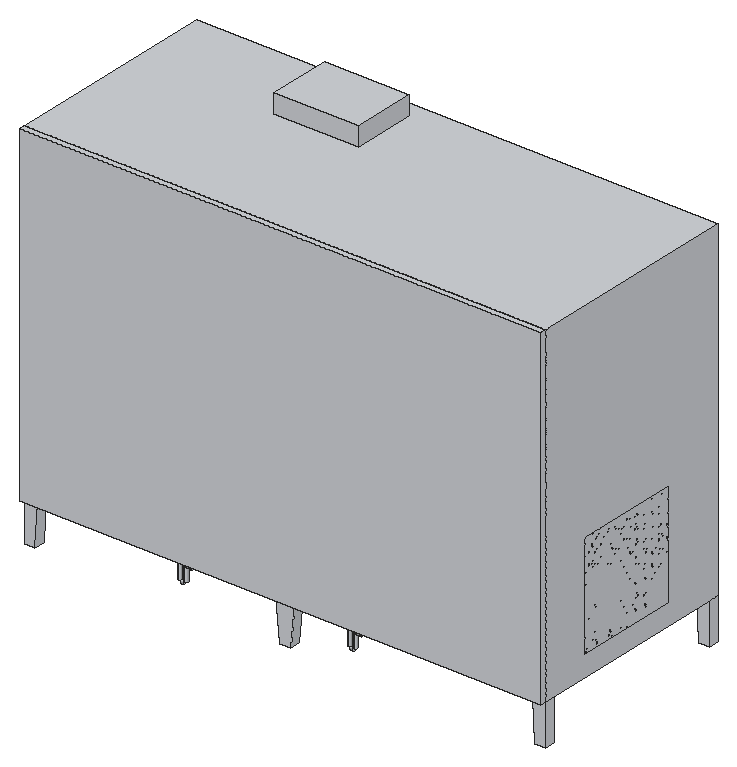
Revit family "AHU 8 _8", category Mechanické zařízení, Revit 2018
Family settings
  Kóta kulaté spojky = Použít průměr
  Typ dílu = Normální
  Číslo OmniClass = 23.75.00.00
  Nadpis OmniClass = Climate Control (HVAC)
  Založené na pracovní rovině = Ne
  Vždy vertikální = Ano
  Ořezat dutým tvarem při načtení = Ne
  Sdílené = Ne
  Bod výpočtu místnosti = Ne
Parameters (values of type "DUPLEXVENT 5500 Multi Eco")
  Width [instance] = 1.065 mm
  Weight [instance] = 493.00 kg
  URL = ""
  Type [instance] = "DUPLEXVENT 5500 Multi Eco"
  Total_SFP [instance] = 0
  Supply_outlet_hum [instance] = 90
  Supply_inlet_hum [instance] = 90
  Supply_ext_pressure [instance] = 0.0 Pa
  Supply_SFP [instance] = 0
  Source_adu_file [instance] = ""
  Recuperation_type [instance] = "Plate heat recovery exchanger"
  Recuperation_efficiency_EN308 [instance] = 0
  Project_name [instance] = ""
  Project_date [instance] = "10.8.2023"
  Power_supply_fusing [instance] = "0"
  Power_supply_cable [instance] = "0"
  Position [instance] = "AHU 8 "
  Phases_count [instance] = 3
  Panel_thickness [instance] = 0.06 mm
  Outer_surface [instance] = "RAL 9002"
  Length [instance] = 2.5 mm
  Insulation_type [instance] = "PUR"
  Insulation_thickness [instance] = 0.05 mm
  Installation_environment [instance] = ""
  Input_power_max [instance] = 6600 W
  Inner_surface [instance] = "Pozink"
  I2 [instance] = I1  # 0.0 L/s
  Height [instance] = 1.6 mm
  Exhaust_outlet_hum [instance] = 40
  Exhaust_inlet_hum [instance] = 40
  Exhaust_ext_pressure [instance] = 0.0 Pa
  Exhaust_SFP [instance] = 0
  E1 [instance] = E2 - M1  # 0.0 L/s
  E2 [instance] = 0.0 L/s
  I1 [instance] = 0.0 L/s
  Description = ""
  M1 [instance] = 0.0 L/s
  Device_dutypoint_version [instance] = "0"
  Device_design_version [instance] = "9"
  Device_adu_id [instance] = "8"
  Current_max [instance] = 10.8 A
  Casing_mat [instance] = "painted zinc layer"
  Cable type [instance] = "CYKY 5Jx2,5"
Reference planes
  plane 1 "Střed (vpředu/vzadu)": y = 0
  plane 2 "ref": z = 0
  plane 3 "Střed (vlevo/vpravo)": x = 0
Forms (mm)
  Sweep 1, solid
    path origin (0, 0, 0) x (0, 0, 1) y (1, 0, 0)
      loop
        line (0, 0) -> (1600, 0)
    profile origin (0, 0, 0) x (1, 0, 0) y (0, 1, 0)
      loop
        line (0, 0) -> (2500, 0) -> (2500, 1035) -> (0, 1035) -> (0, 0)
  Sweep 2, solid
    path origin (0, 0, 0) x (0, 0, 1) y (1, 0, 0)
      loop
        line (0, 0) -> (1600, 0)
    profile origin (0, 0, 0) x (1, 0, 0) y (0, 1, 0)
      loop
        line (0, 0) -> (0, -30) -> (2500, -30) -> (2500, 0) -> (0, 0)
  Sweep 3, solid
    path origin (1, 485, 350) x (0, 1, 0) y (-1, 0, 0)
      loop
        line (0, 0) -> (0, 1)
    profile origin (1, 485, 350) x (0, -1, 0) y (0, 0, 1)
      loop
        line (-250, -250) -> (250, -250) -> (250, 250) -> (-250, 250) -> (-250, -250)
  Sweep 4, solid
    path origin (2499, 530, 1190) x (1, 0, 0) y (0, 1, 0)
      loop
        line (0, 0) -> (1, 0)
    profile origin (2499, 530, 1190) x (0, 1, 0) y (0, 0, 1)
      loop
        line (-450, 355) -> (-450, -355) -> (450, -355) -> (450, 355) -> (-450, 355)
  Sweep 5, solid
    path origin (2499, 485, 350) x (1, 0, 0) y (0, 1, 0)
      loop
        line (0, 0) -> (1, 0)
    profile origin (2499, 485, 350) x (0, 1, 0) y (0, 0, 1)
      loop
        line (-250, 250) -> (-250, -250) -> (250, -250) -> (250, 250) -> (-250, 250)
  Sweep 6, solid
    path origin (1, 530, 1190) x (0, 1, 0) y (-1, 0, 0)
      loop
        line (0, 0) -> (0, 1)
    profile origin (1, 530, 1190) x (0, -1, 0) y (0, 0, 1)
      loop
        line (-450, -355) -> (450, -355) -> (450, 355) -> (-450, 355) -> (-450, -355)
  Sweep 7, solid
    path origin (1500, 75, 0) x (0, -1, 0) y (0, 0, 1)
      loop
        line (0, 0) -> (0, -142)
    profile origin (1500, 75, 0) x (-1, 0, 0) y (0, -1, 0)
      loop
        circle (0, 0) r 8
  Sweep 8, solid
    path origin (1508, 75, -150) x (0, 0, -1) y (1, 0, 0)
      loop
        line (0, 0) -> (0, 14)
    profile origin (1508, 75, -150) x (0, 0, 1) y (0, -1, 0)
      loop
        circle (0, 0) r 8
  Sweep 9, solid
    path origin (1530, 75, -142) x (0, -1, 0) y (0, 0, 1)
      loop
        line (0, 0) -> (0, 59)
    profile origin (1530, 75, -142) x (0, 1, 0) y (-1, 0, 0)
      loop
        circle (0, 0) r 8
  Sweep 10, solid
    path origin (1538, 75, -75) x (0, 0, -1) y (1, 0, 0)
      loop
        line (0, 0) -> (0, 22)
    profile origin (1538, 75, -75) x (0, 0, 1) y (0, -1, 0)
      loop
        circle (0, 0) r 8
  Sweep 11, solid
    path origin (685, 75, 0) x (0, -1, 0) y (0, 0, 1)
      loop
        line (0, 0) -> (0, -142)
    profile origin (685, 75, 0) x (-1, 0, 0) y (0, -1, 0)
      loop
        circle (0, 0) r 8
  Sweep 12, solid
    path origin (694, 75, -150) x (0, 0, -1) y (1, 0, 0)
      loop
        line (0, 0) -> (0, 14)
    profile origin (694, 75, -150) x (0, 0, 1) y (0, -1, 0)
      loop
        circle (0, 0) r 8
  Sweep 13, solid
    path origin (716, 75, -142) x (0, -1, 0) y (0, 0, 1)
      loop
        line (0, 0) -> (0, 59)
    profile origin (716, 75, -142) x (0, 1, 0) y (-1, 0, 0)
      loop
        circle (0, 0) r 8
  Sweep 14, solid
    path origin (724, 75, -75) x (0, 0, -1) y (1, 0, 0)
      loop
        line (0, 0) -> (0, 22)
    profile origin (724, 75, -75) x (0, 0, 1) y (0, -1, 0)
      loop
        circle (0, 0) r 8
  Sweep 15, solid
    path origin (0, 0, 0) x (0, 0, 1) y (1, 0, 0)
      loop
        line (0, 0) -> (1600, 0)
    profile origin (0, 0, 0) x (1, 0, 0) y (0, 1, 0)
      loop
        line (0, -30) -> (2500, -30) -> (2500, -5) -> (0, -5) -> (0, -30)
  Sweep 16, solid
    path origin (25, 50, 0) x (1, 0, 0) y (0, 1, 0)
      loop
        line (0, 0) -> (0, -50)
    profile origin (25, 50, 0) x (1, 0, 0) y (0, 0, 1)
      loop
        line (-25, 0) -> (-25, -200) -> (25, -200) -> (35, 0) -> (-25, 0)
  Sweep 17, solid
    path origin (2475, 50, 0) x (1, 0, 0) y (0, 1, 0)
      loop
        line (0, 0) -> (0, -50)
    profile origin (2475, 50, 0) x (1, 0, 0) y (0, 0, 1)
      loop
        line (-35, 0) -> (-25, -200) -> (25, -200) -> (25, 0) -> (-35, 0)
  Sweep 18, solid
    path origin (25, 1035, 0) x (1, 0, 0) y (0, 1, 0)
      loop
        line (0, 0) -> (0, -50)
    profile origin (25, 1035, 0) x (1, 0, 0) y (0, 0, 1)
      loop
        line (-25, 0) -> (-25, -200) -> (25, -200) -> (35, 0) -> (-25, 0)
  Sweep 19, solid
    path origin (2475, 1035, 0) x (1, 0, 0) y (0, 1, 0)
      loop
        line (0, 0) -> (0, -50)
    profile origin (2475, 1035, 0) x (1, 0, 0) y (0, 0, 1)
      loop
        line (-35, 0) -> (-25, -200) -> (25, -200) -> (25, 0) -> (-35, 0)
  Sweep 20, solid
    path origin (1250, 50, 0) x (1, 0, 0) y (0, 1, 0)
      loop
        line (0, 0) -> (0, -50)
    profile origin (1250, 50, 0) x (1, 0, 0) y (0, 0, 1)
      loop
        line (-45, 0) -> (-25, -200) -> (25, -200) -> (45, 0) -> (-45, 0)
  Sweep 21, solid
    path origin (1250, 1035, 0) x (1, 0, 0) y (0, 1, 0)
      loop
        line (0, 0) -> (0, -50)
    profile origin (1250, 1035, 0) x (1, 0, 0) y (0, 0, 1)
      loop
        line (-45, 0) -> (-25, -200) -> (25, -200) -> (45, 0) -> (-45, 0)
  Sweep 22, solid
    path origin (0, 0, 1600) x (0, 0, 1) y (1, 0, 0)
      loop
        line (0, 0) -> (90, 0)
    profile origin (0, 0, 1600) x (1, 0, 0) y (0, 1, 0)
      loop
        line (675, 653) -> (1080, 653) -> (1080, 958) -> (675, 958) -> (675, 653)
  Sweep 23, solid
    path origin (675, 805, 1645) x (0, 0, -1) y (1, 0, 0)
      loop
        line (0, 0) -> (0, -1)
    profile origin (675, 805, 1645) x (0, 0, -1) y (0, -1, 0)
      loop
        circle (0, 0) r 10
Lines and regions (mm)
  model lines, style "Symbol"
    curve 1: line (1025, -30, 0) -> (1025, -30, 320)
    curve 2: line (1025, -30, 1600) -> (1025, -30, 1280)
    curve 3: line (0, -30, 800) -> (545, -30, 800)
    curve 4: line (2500, -30, 800) -> (1505, -30, 800)
    curve 5: line (545, -30, 800) -> (785, -30, 1280)
    curve 6: line (785, -30, 1280) -> (1265, -30, 1280)
    curve 7: line (1265, -30, 1280) -> (1505, -30, 800)
    curve 8: line (1505, -30, 800) -> (1265, -30, 320)
    curve 9: line (1265, -30, 320) -> (1025, -30, 320)
    curve 10: line (1025, -30, 320) -> (785, -30, 320)
    curve 11: line (785, -30, 320) -> (545, -30, 800)
    curve 12: line (2148, -30, 1314) -> (2404, -30, 1270)
    curve 13: line (2148, -30, 1086) -> (2404, -30, 1130)
    curve 14: line (352, -30, 1086) -> (96, -30, 1130)
    curve 15: line (352, -30, 1314) -> (96, -30, 1270)
    curve 16: line (50, -30, 160) -> (50, -30, 640)
    curve 17: line (50, -30, 640) -> (200, -30, 640)
    curve 18: line (200, -30, 640) -> (200, -30, 160)
    curve 19: line (200, -30, 160) -> (50, -30, 160)
    curve 20: line (125, -30, 160) -> (200, -30, 400)
    curve 21: line (125, -30, 640) -> (200, -30, 400)
    curve 22: line (2450, -30, 640) -> (2450, -30, 160)
    curve 23: line (2450, -30, 160) -> (2300, -30, 160)
    curve 24: line (2300, -30, 160) -> (2300, -30, 640)
    curve 25: line (2300, -30, 640) -> (2450, -30, 640)
    curve 26: line (2375, -30, 640) -> (2300, -30, 400)
    curve 27: line (2375, -30, 160) -> (2300, -30, 400)
    curve 28: line (698, -30, 280) -> (480, -30, 708)
    curve 29: line (480, -30, 708) -> (552, -30, 744)
    curve 30: line (552, -30, 744) -> (770, -30, 316)
    curve 31: line (770, -30, 316) -> (698, -30, 280)
    curve 32: line (567, -30, 554) -> (595, -30, 641)
    curve 33: line (655, -30, 383) -> (683, -30, 470)
    curve 34: line (0, -1180, 0) -> (0, -30, 0)
    curve 35: line (2500, -1180, 0) -> (2500, -30, 0)
    curve 36: line (0, -1180, 0) -> (2500, -1180, 0)
    curve 37: line (0, -1180, 1600) -> (0, -30, 1600)
    curve 38: line (2500, -1180, 1600) -> (2500, -30, 1600)
    curve 39: line (0, -1180, 1600) -> (2500, -1180, 1600)
    curve 40: line (0, -1180, 0) -> (0, -1180, 1600)
    curve 41: line (2500, -1180, 0) -> (2500, -1180, 1600)
    curve 42: line (0, -1180, 1400) -> (200, -1180, 1600)
    curve 43: line (0, -1180, 1200) -> (400, -1180, 1600)
    curve 44: line (0, -1180, 1000) -> (600, -1180, 1600)
    curve 45: line (0, -1180, 800) -> (800, -1180, 1600)
    curve 46: line (0, -1180, 600) -> (1000, -1180, 1600)
    curve 47: line (0, -1180, 400) -> (1200, -1180, 1600)
    curve 48: line (0, -1180, 200) -> (1400, -1180, 1600)
    curve 49: line (0, -1180, 0) -> (1600, -1180, 1600)
    curve 50: line (200, -1180, 0) -> (1800, -1180, 1600)
    curve 51: line (400, -1180, 0) -> (2000, -1180, 1600)
    curve 52: line (600, -1180, 0) -> (2200, -1180, 1600)
    curve 53: line (800, -1180, 0) -> (2400, -1180, 1600)
    curve 54: line (1000, -1180, 0) -> (2500, -1180, 1500)
    curve 55: line (1200, -1180, 0) -> (2500, -1180, 1300)
    curve 56: line (1400, -1180, 0) -> (2500, -1180, 1100)
    curve 57: line (1600, -1180, 0) -> (2500, -1180, 900)
    curve 58: line (1800, -1180, 0) -> (2500, -1180, 700)
    curve 59: line (2000, -1180, 0) -> (2500, -1180, 500)
    curve 60: line (2200, -1180, 0) -> (2500, -1180, 300)
    curve 61: line (2400, -1180, 0) -> (2500, -1180, 100)
    curve 62: line (2500, -1180, 1400) -> (2500, -980, 1600)
    curve 63: line (2500, -1180, 1200) -> (2500, -780, 1600)
    curve 64: line (2500, -1180, 1000) -> (2500, -580, 1600)
    curve 65: line (2500, -1180, 800) -> (2500, -380, 1600)
    curve 66: line (2500, -1180, 600) -> (2500, -180, 1600)
    curve 67: line (2500, -1180, 400) -> (2500, -30, 1550)
    curve 68: line (2500, -1180, 200) -> (2500, -30, 1350)
    curve 69: line (2500, -1180, 0) -> (2500, -30, 1150)
    curve 70: line (2500, -980, 0) -> (2500, -30, 950)
    curve 71: line (2500, -780, 0) -> (2500, -30, 750)
    curve 72: line (2500, -580, 0) -> (2500, -30, 550)
    curve 73: line (2500, -380, 0) -> (2500, -30, 350)
    curve 74: line (2500, -180, 0) -> (2500, -30, 150)
    curve 75: line (0, -980, 1600) -> (200, -1180, 1600)
    curve 76: line (0, -780, 1600) -> (400, -1180, 1600)
    curve 77: line (0, -580, 1600) -> (600, -1180, 1600)
    curve 78: line (0, -380, 1600) -> (800, -1180, 1600)
    curve 79: line (0, -180, 1600) -> (1000, -1180, 1600)
    curve 80: line (50, -30, 1600) -> (1200, -1180, 1600)
    curve 81: line (250, -30, 1600) -> (1400, -1180, 1600)
    curve 82: line (450, -30, 1600) -> (1600, -1180, 1600)
    curve 83: line (650, -30, 1600) -> (1800, -1180, 1600)
    curve 84: line (850, -30, 1600) -> (2000, -1180, 1600)
    curve 85: line (1050, -30, 1600) -> (2200, -1180, 1600)
    curve 86: line (1250, -30, 1600) -> (2400, -1180, 1600)
    curve 87: line (1450, -30, 1600) -> (2500, -1080, 1600)
    curve 88: line (1650, -30, 1600) -> (2500, -880, 1600)
    curve 89: line (1850, -30, 1600) -> (2500, -680, 1600)
    curve 90: line (2050, -30, 1600) -> (2500, -480, 1600)
    curve 91: line (2250, -30, 1600) -> (2500, -280, 1600)
    curve 92: line (2450, -30, 1600) -> (2500, -80, 1600)
    curve 93: line (0, 0, 2320) -> (0, 0, 1600)
    curve 94: line (2500, 0, 2320) -> (2500, 0, 1600)
    curve 95: line (0, 0, 2320) -> (2500, 0, 2320)
    curve 96: line (0, 1035, 2320) -> (0, 1035, 1600)
    curve 97: line (2500, 1035, 2320) -> (2500, 1035, 1600)
    curve 98: line (0, 1035, 2320) -> (2500, 1035, 2320)
    curve 99: line (0, 0, 2320) -> (0, 1035, 2320)
    curve 100: line (2500, 0, 2320) -> (2500, 1035, 2320)
    curve 101: line (0, 835, 2320) -> (200, 1035, 2320)
    curve 102: line (0, 635, 2320) -> (400, 1035, 2320)
    curve 103: line (0, 435, 2320) -> (600, 1035, 2320)
    curve 104: line (0, 235, 2320) -> (800, 1035, 2320)
    curve 105: line (0, 35, 2320) -> (1000, 1035, 2320)
    curve 106: line (165, 0, 2320) -> (1200, 1035, 2320)
    curve 107: line (365, 0, 2320) -> (1400, 1035, 2320)
    curve 108: line (565, 0, 2320) -> (1600, 1035, 2320)
    curve 109: line (765, 0, 2320) -> (1800, 1035, 2320)
    curve 110: line (965, 0, 2320) -> (2000, 1035, 2320)
    curve 111: line (1165, 0, 2320) -> (2200, 1035, 2320)
    curve 112: line (1365, 0, 2320) -> (2400, 1035, 2320)
    curve 113: line (1565, 0, 2320) -> (2500, 935, 2320)
    curve 114: line (1765, 0, 2320) -> (2500, 735, 2320)
    curve 115: line (1965, 0, 2320) -> (2500, 535, 2320)
    curve 116: line (2165, 0, 2320) -> (2500, 335, 2320)
    curve 117: line (2365, 0, 2320) -> (2500, 135, 2320)
    curve 118: line (2500, 835, 2320) -> (2500, 1035, 2120)
    curve 119: line (2500, 635, 2320) -> (2500, 1035, 1920)
    curve 120: line (2500, 435, 2320) -> (2500, 1035, 1720)
    curve 121: line (2500, 235, 2320) -> (2500, 955, 1600)
    curve 122: line (2500, 35, 2320) -> (2500, 755, 1600)
    curve 123: line (2500, 0, 2155) -> (2500, 555, 1600)
    curve 124: line (2500, 0, 1955) -> (2500, 355, 1600)
    curve 125: line (2500, 0, 1755) -> (2500, 155, 1600)
    curve 126: line (0, 1035, 2120) -> (200, 1035, 2320)
    curve 127: line (0, 1035, 1920) -> (400, 1035, 2320)
    curve 128: line (0, 1035, 1720) -> (600, 1035, 2320)
    curve 129: line (80, 1035, 1600) -> (800, 1035, 2320)
    curve 130: line (280, 1035, 1600) -> (1000, 1035, 2320)
    curve 131: line (480, 1035, 1600) -> (1200, 1035, 2320)
    curve 132: line (680, 1035, 1600) -> (1400, 1035, 2320)
    curve 133: line (880, 1035, 1600) -> (1600, 1035, 2320)
    curve 134: line (1080, 1035, 1600) -> (1800, 1035, 2320)
    curve 135: line (1280, 1035, 1600) -> (2000, 1035, 2320)
    curve 136: line (1480, 1035, 1600) -> (2200, 1035, 2320)
    curve 137: line (1680, 1035, 1600) -> (2400, 1035, 2320)
    curve 138: line (1880, 1035, 1600) -> (2500, 1035, 2220)
    curve 139: line (2080, 1035, 1600) -> (2500, 1035, 2020)
    curve 140: line (2280, 1035, 1600) -> (2500, 1035, 1820)
    curve 141: line (2480, 1035, 1600) -> (2500, 1035, 1620)
    curve 142: line (0, 1035, -200) -> (0, 1035, 0)
    curve 143: line (2500, 1035, -200) -> (2500, 1035, 0)
    curve 144: line (0, 1035, -200) -> (2500, 1035, -200)
    curve 145: line (0, 0, -200) -> (0, 0, 0)
    curve 146: line (2500, 0, -200) -> (2500, 0, 0)
    curve 147: line (0, 0, -200) -> (2500, 0, -200)
    curve 148: line (0, 1035, -200) -> (0, 0, -200)
    curve 149: line (2500, 1035, -200) -> (2500, 0, -200)
    curve 150: line (0, 200, -200) -> (200, 0, -200)
    curve 151: line (0, 400, -200) -> (400, 0, -200)
    curve 152: line (0, 600, -200) -> (600, 0, -200)
    curve 153: line (0, 800, -200) -> (800, 0, -200)
    curve 154: line (0, 1000, -200) -> (1000, 0, -200)
    curve 155: line (165, 1035, -200) -> (1200, 0, -200)
    curve 156: line (365, 1035, -200) -> (1400, 0, -200)
    curve 157: line (565, 1035, -200) -> (1600, 0, -200)
    curve 158: line (765, 1035, -200) -> (1800, 0, -200)
    curve 159: line (965, 1035, -200) -> (2000, 0, -200)
    curve 160: line (1165, 1035, -200) -> (2200, 0, -200)
    curve 161: line (1365, 1035, -200) -> (2400, 0, -200)
    curve 162: line (1565, 1035, -200) -> (2500, 100, -200)
    curve 163: line (1765, 1035, -200) -> (2500, 300, -200)
    curve 164: line (1965, 1035, -200) -> (2500, 500, -200)
    curve 165: line (2165, 1035, -200) -> (2500, 700, -200)
    curve 166: line (2365, 1035, -200) -> (2500, 900, -200)
    curve 167: line (2500, 200, -200) -> (2500, 0, 0)
    curve 168: line (2500, 400, -200) -> (2500, 200, 0)
    curve 169: line (2500, 600, -200) -> (2500, 400, 0)
    curve 170: line (2500, 800, -200) -> (2500, 600, 0)
    curve 171: line (2500, 1000, -200) -> (2500, 800, 0)
    curve 172: line (2500, 1035, -35) -> (2500, 1000, 0)
    curve 173: line (0, 0, 0) -> (200, 0, -200)
    curve 174: line (200, 0, 0) -> (400, 0, -200)
    curve 175: line (400, 0, 0) -> (600, 0, -200)
    curve 176: line (600, 0, 0) -> (800, 0, -200)
    curve 177: line (800, 0, 0) -> (1000, 0, -200)
    curve 178: line (1000, 0, 0) -> (1200, 0, -200)
    curve 179: line (1200, 0, 0) -> (1400, 0, -200)
    curve 180: line (1400, 0, 0) -> (1600, 0, -200)
    curve 181: line (1600, 0, 0) -> (1800, 0, -200)
    curve 182: line (1800, 0, 0) -> (2000, 0, -200)
    curve 183: line (2000, 0, 0) -> (2200, 0, -200)
    curve 184: line (2200, 0, 0) -> (2400, 0, -200)
    curve 185: line (2400, 0, 0) -> (2500, 0, -100)
    curve 186: line (0, -30, 0) -> (0, -30, 1600)
    curve 187: line (0, -30, 1600) -> (1120, -30, 1600)
    curve 188: line (1120, -30, 1600) -> (1120, -30, 0)
    curve 189: line (1120, -30, 0) -> (0, -30, 0)
    curve 190: line (1380, -30, 0) -> (1380, -30, 1600)
    curve 191: line (1380, -30, 1600) -> (2500, -30, 1600)
    curve 192: line (2500, -30, 1600) -> (2500, -30, 0)
    curve 193: line (2500, -30, 0) -> (1380, -30, 0)
    curve 194: line (0, -30, 0) -> (2500, -30, 0)
    curve 195: line (0, -30, 1600) -> (2500, -30, 1600)
    curve 196: line (0, -30, 0) -> (0, -30, 1600)
    curve 197: line (2500, -30, 0) -> (2500, -30, 1600)
    curve 198: line (0, -30, 0) -> (0, -5, 0)
    curve 199: line (2500, -30, 0) -> (2500, -5, 0)
    curve 200: line (0, -30, 1600) -> (0, -5, 1600)
    curve 201: line (2500, -30, 1600) -> (2500, -5, 1600)
    curve 202: circle (2260, -30, 1200) r 160 normal (0, -1, 0)
    curve 203: circle (240, -30, 1200) r 160 normal (0, -1, 0)
    curve 204: circle (581, -30, 598) r 12 normal (0, -1, 0)
    curve 205: circle (669, -30, 426) r 12 normal (0, -1, 0)
    curve 206: circle (1500, 75, 0) r 8 normal (0, 0, -1)
    curve 207: circle (1500, 75, -142) r 8 normal (0, 0, -1)
    curve 208: circle (685, 75, 0) r 8 normal (0, 0, -1)
    curve 209: circle (685, 75, -142) r 8 normal (0, 0, -1)
Dimensions and locks
  aligned and locked: level to plane 2 "ref"
Connectors
  hvac at (0, 485, 350), driven by "E1"
    settings: on Sweep 3, index 1, duct flow 0.0 L/s, flow factor 0, pres drop 0.0 Pa, loss coef 0, conn angle 0.00°, conn width 500 mm, conn height 500 mm, conn diameter 609.6 mm, duct sys type 1, conn prof type 1, flow config 1, flow direction 1, loss method 0, conn ref index -1, conn util no, is conn primary yes, conn desc ""
  hvac at (2500, 530, 1190), driven by "E2"
    settings: on Sweep 4, index 2, duct flow 0.0 L/s, flow factor 1, pres drop 0.0 Pa, loss coef 0, conn angle 0.00°, conn width 900 mm, conn height 710 mm, conn diameter 609.6 mm, duct sys type 1, conn prof type 1, flow config 2, flow direction 2, loss method 0, conn ref index -1, conn util no, is conn primary no, conn desc ""
  hvac at (2500, 485, 350), driven by "I1"
    settings: on Sweep 5, index 3, duct flow 0.0 L/s, flow factor 1, pres drop 0.0 Pa, loss coef 0, conn angle 0.00°, conn width 500 mm, conn height 500 mm, conn diameter 609.6 mm, duct sys type 3, conn prof type 1, flow config 2, flow direction 1, loss method 0, conn ref index -1, conn util no, is conn primary no, conn desc ""
  hvac at (0, 530, 1190), driven by "I2"
    settings: on Sweep 6, index 4, duct flow 0.0 L/s, flow factor 0, pres drop 0.0 Pa, loss coef 0, conn angle 0.00°, conn width 900 mm, conn height 710 mm, conn diameter 609.6 mm, duct sys type 3, conn prof type 1, flow config 1, flow direction 2, loss method 0, conn ref index -1, conn util no, is conn primary no, conn desc ""
  piping at (1560, 75, -75), diameter 40
    settings: on Sweep 10, index 5, connector inside diameter 609.6 mm, connector length 0 mm, flow factor 0, pipe flow 0.0 L/s, pressure drop 0.0 Pa, fitting loss kfactor 0, connector angle 0.00°, fixture units 0, engagement length 0 mm, angle of deflection 0.00°, flow configuration 1, flow direction 2, fitting loss method 0, system type 16, joint type 0, gender type 0, connector reference index -1, connector utility 0, adjustable connector no, is connector primary yes, connector description ""
  piping at (746, 75, -75), diameter 40
    settings: on Sweep 14, index 6, connector inside diameter 609.6 mm, connector length 0 mm, flow factor 0, pipe flow 0.0 L/s, pressure drop 0.0 Pa, fitting loss kfactor 0, connector angle 0.00°, fixture units 0, engagement length 0 mm, angle of deflection 0.00°, flow configuration 1, flow direction 2, fitting loss method 0, system type 16, joint type 0, gender type 0, connector reference index -1, connector utility 0, adjustable connector no, is connector primary no, connector description ""
  electrical at (674, 805, 1645)
    settings: on Sweep 23, index 7, voltage 400 V, apparent load 0 VA, apparent load phase1 0 VA, apparent load phase2 0 VA, apparent load phase3 0 VA, power factor 1, load classification "Další", number of poles 3, system type 31, power factor state 1, is connector primary yes, connector utility no, sub classification motor no, connector description ""
